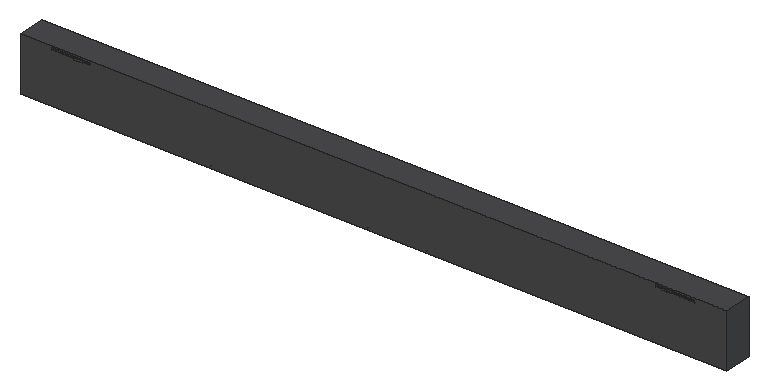
Revit family "DOT BLOCK CEILLING 946_DTSM40N9.1.15", category Luminarias, Revit 2019
Family settings
  Cota de conector redondo = Diámetro de uso
  Tipo de pieza = Normal
  Se basa en plano de trabajo = Sí
  Siempre vertical = Sí
  Corte con vacíos al cargar = No
  Origen de luz = Sí
  Compartido = No
  Punto de cálculo de habitación = No
Parameters (values of type "DOT BLOCK CEILLING 946_DTSM40N9.1.15")
  Ángulo de inclinación = 60.00°
  Zone [instance] = ""
  Watt per fixture = 40
  Wattage = 40 W
  built-in parameter 1150107 = 4000 (stored number, unit not read)
  built-in parameter 1150110 = 1 (stored number, unit not read)
  built-in parameter 1150109 = 1 (stored number, unit not read)
  built-in parameter 1150112 = 1 (stored number, unit not read)
  built-in parameter 1150113 = 1 (stored number, unit not read)
  built-in parameter 1114218 = 1 (stored number, unit not read)
  Keynote = ""
  built-in parameter 1150137 = (empty or 0)
  built-in parameter 1150132 = (empty or 0)
  Modelo = "DTSM40N9.1.15"
  Lámpara = "3030SMD PHILIPS"
  built-in parameter 1150105 = 261.01 (stored number, unit not read)
  built-in parameter 1150102 = (empty or 0)
  built-in parameter 1150106 = 2.6101 (stored number, unit not read)
  Lumens = 3280 lm
  Color Filter = 16777215
  built-in parameter 1114217 = 1 (stored number, unit not read)
  built-in parameter 1150139 = (empty or 0)
  Fabricante = "BRILLANT"
  Default Elevation = 1219.2 mm
  built-in parameter 1150104 = 7.618 (stored number, unit not read)
  Descripción = "LUMINARIA DOWNLIGHT EN FORMATO RECTANGULAR PARA SOBREPONER DIRECTO EN TECHO, CUERPO DE ALUMINIO ACABADO EN COLOR NEGRO, IP 20, PESO 1.98Kg, TIPO DE LED 3030SMD PHILIPS CON 40W TOTAL, 3200 LUMENES, 82LM/W, IRC 90, TEMPERATURA EN BLANCO FRIO 4000K, 50 MIL HORAS DE VIDA PROMEDIO, APERTURA DE 15 GRADOS POR PROYECTO, ALIMENTADO A 90-240V"
  built-in parameter 1150115 = 1 (stored number, unit not read)
  built-in parameter 1150114 = 1 (stored number, unit not read)
  Comentarios de vataje = "90-240V"
  built-in parameter 1150138 = (empty or 0)
  built-in parameter 1150134 = 12
  Circuit [instance] = ""
  Dimming Lamp Color Temperature Shift = (empty or 0)
  Archivo de red fotométrica = "L964A-40W-840-B-15_IESNA95.IES"
  built-in parameter 1150133 = 10 (stored number, unit not read)
Reference planes
  plane 1 "Centro (Frontal/Posterior)": y = 0
  plane 2: z = 0
  plane 3 "Centro (Izquierda/Derecha)": x = 0
Forms (mm)
  Extrusion 1, solid, material "Default Form", not visible
    sketch origin (0, 0, 0) x (1, 0, 0) y (0, 0, 1)
      loop
        line (-473, 0) -> (-473, -72) -> (473, -72) -> (473, 0) -> (-473, 0)
    from -18.326 to 18.326
  Blend 2, void, not visible
    base sketch origin (-293.63, 0, 0) x (1, 0, 0) y (0, 1, 0)
      loop
        line (-162, 16.149) -> (-162, -16.149) -> (-144.14, -16.149) -> (-144.14, 16.149) -> (-162, 16.149)
    top sketch origin (-293.63, 0, 0) x (1, 0, 0) y (0, 1, 0)
      loop
        line (-160, 12.149) -> (-160, -12.149) -> (-146.14, -12.149) -> (-146.14, 12.149) -> (-160, 12.149)
    from -72 to -61.591
  Blend 3, void, not visible
    base sketch origin (-267.33, 0, 0) x (1, 0, 0) y (0, 1, 0)
      loop
        line (-162, 16.149) -> (-162, -16.149) -> (-144.14, -16.149) -> (-144.14, 16.149) -> (-162, 16.149)
    top sketch origin (-267.33, 0, 0) x (1, 0, 0) y (0, 1, 0)
      loop
        line (-160, 12.149) -> (-160, -12.149) -> (-146.14, -12.149) -> (-146.14, 12.149) -> (-160, 12.149)
    from -72 to -61.591
  Blend 4, void, not visible
    base sketch origin (-241.03, 0, 0) x (1, 0, 0) y (0, 1, 0)
      loop
        line (-162, 16.149) -> (-162, -16.149) -> (-144.14, -16.149) -> (-144.14, 16.149) -> (-162, 16.149)
    top sketch origin (-241.03, 0, 0) x (1, 0, 0) y (0, 1, 0)
      loop
        line (-160, 12.149) -> (-160, -12.149) -> (-146.14, -12.149) -> (-146.14, 12.149) -> (-160, 12.149)
    from -72 to -61.591
  Blend 5, void, not visible
    base sketch origin (-214.73, 0, 0) x (1, 0, 0) y (0, 1, 0)
      loop
        line (-162, 16.149) -> (-162, -16.149) -> (-144.14, -16.149) -> (-144.14, 16.149) -> (-162, 16.149)
    top sketch origin (-214.73, 0, 0) x (1, 0, 0) y (0, 1, 0)
      loop
        line (-160, 12.149) -> (-160, -12.149) -> (-146.14, -12.149) -> (-146.14, 12.149) -> (-160, 12.149)
    from -72 to -61.591
  Blend 6, void, not visible
    base sketch origin (-188.43, 0, 0) x (1, 0, 0) y (0, 1, 0)
      loop
        line (-162, 16.149) -> (-162, -16.149) -> (-144.14, -16.149) -> (-144.14, 16.149) -> (-162, 16.149)
    top sketch origin (-188.43, 0, 0) x (1, 0, 0) y (0, 1, 0)
      loop
        line (-160, 12.149) -> (-160, -12.149) -> (-146.14, -12.149) -> (-146.14, 12.149) -> (-160, 12.149)
    from -72 to -61.591
  Blend 7, void, not visible
    base sketch origin (-162.13, 0, 0) x (1, 0, 0) y (0, 1, 0)
      loop
        line (-162, 16.149) -> (-162, -16.149) -> (-144.14, -16.149) -> (-144.14, 16.149) -> (-162, 16.149)
    top sketch origin (-162.13, 0, 0) x (1, 0, 0) y (0, 1, 0)
      loop
        line (-160, 12.149) -> (-160, -12.149) -> (-146.14, -12.149) -> (-146.14, 12.149) -> (-160, 12.149)
    from -72 to -61.591
  Blend 8, void, not visible
    base sketch origin (-135.83, 0, 0) x (1, 0, 0) y (0, 1, 0)
      loop
        line (-162, 16.149) -> (-162, -16.149) -> (-144.14, -16.149) -> (-144.14, 16.149) -> (-162, 16.149)
    top sketch origin (-135.83, 0, 0) x (1, 0, 0) y (0, 1, 0)
      loop
        line (-160, 12.149) -> (-160, -12.149) -> (-146.14, -12.149) -> (-146.14, 12.149) -> (-160, 12.149)
    from -72 to -61.591
  Blend 9, void, not visible
    base sketch origin (-109.53, 0, 0) x (1, 0, 0) y (0, 1, 0)
      loop
        line (-162, 16.149) -> (-162, -16.149) -> (-144.14, -16.149) -> (-144.14, 16.149) -> (-162, 16.149)
    top sketch origin (-109.53, 0, 0) x (1, 0, 0) y (0, 1, 0)
      loop
        line (-160, 12.149) -> (-160, -12.149) -> (-146.14, -12.149) -> (-146.14, 12.149) -> (-160, 12.149)
    from -72 to -61.591
  Blend 10, void, not visible
    base sketch origin (-83.23, 0, 0) x (1, 0, 0) y (0, 1, 0)
      loop
        line (-162, 16.149) -> (-162, -16.149) -> (-144.14, -16.149) -> (-144.14, 16.149) -> (-162, 16.149)
    top sketch origin (-83.23, 0, 0) x (1, 0, 0) y (0, 1, 0)
      loop
        line (-160, 12.149) -> (-160, -12.149) -> (-146.14, -12.149) -> (-146.14, 12.149) -> (-160, 12.149)
    from -72 to -61.591
  Blend 11, void, not visible
    base sketch origin (-56.93, 0, 0) x (1, 0, 0) y (0, 1, 0)
      loop
        line (-162, 16.149) -> (-162, -16.149) -> (-144.14, -16.149) -> (-144.14, 16.149) -> (-162, 16.149)
    top sketch origin (-56.93, 0, 0) x (1, 0, 0) y (0, 1, 0)
      loop
        line (-160, 12.149) -> (-160, -12.149) -> (-146.14, -12.149) -> (-146.14, 12.149) -> (-160, 12.149)
    from -72 to -61.591
  Blend 12, void, not visible
    base sketch origin (-30.63, 0, 0) x (1, 0, 0) y (0, 1, 0)
      loop
        line (-162, 16.149) -> (-162, -16.149) -> (-144.14, -16.149) -> (-144.14, 16.149) -> (-162, 16.149)
    top sketch origin (-30.63, 0, 0) x (1, 0, 0) y (0, 1, 0)
      loop
        line (-160, 12.149) -> (-160, -12.149) -> (-146.14, -12.149) -> (-146.14, 12.149) -> (-160, 12.149)
    from -72 to -61.591
  Blend 13, void, not visible
    base sketch origin (-4.33, 0, 0) x (1, 0, 0) y (0, 1, 0)
      loop
        line (-162, 16.149) -> (-162, -16.149) -> (-144.14, -16.149) -> (-144.14, 16.149) -> (-162, 16.149)
    top sketch origin (-4.33, 0, 0) x (1, 0, 0) y (0, 1, 0)
      loop
        line (-160, 12.149) -> (-160, -12.149) -> (-146.14, -12.149) -> (-146.14, 12.149) -> (-160, 12.149)
    from -72 to -61.591
  Blend 14, void, not visible
    base sketch origin (21.97, 0, 0) x (1, 0, 0) y (0, 1, 0)
      loop
        line (-162, 16.149) -> (-162, -16.149) -> (-144.14, -16.149) -> (-144.14, 16.149) -> (-162, 16.149)
    top sketch origin (21.97, 0, 0) x (1, 0, 0) y (0, 1, 0)
      loop
        line (-160, 12.149) -> (-160, -12.149) -> (-146.14, -12.149) -> (-146.14, 12.149) -> (-160, 12.149)
    from -72 to -61.591
  Blend 15, void, not visible
    base sketch origin (48.27, 0, 0) x (1, 0, 0) y (0, 1, 0)
      loop
        line (-162, 16.149) -> (-162, -16.149) -> (-144.14, -16.149) -> (-144.14, 16.149) -> (-162, 16.149)
    top sketch origin (48.27, 0, 0) x (1, 0, 0) y (0, 1, 0)
      loop
        line (-160, 12.149) -> (-160, -12.149) -> (-146.14, -12.149) -> (-146.14, 12.149) -> (-160, 12.149)
    from -72 to -61.591
  Blend 16, void, not visible
    base sketch origin (74.57, 0, 0) x (1, 0, 0) y (0, 1, 0)
      loop
        line (-162, 16.149) -> (-162, -16.149) -> (-144.14, -16.149) -> (-144.14, 16.149) -> (-162, 16.149)
    top sketch origin (74.57, 0, 0) x (1, 0, 0) y (0, 1, 0)
      loop
        line (-160, 12.149) -> (-160, -12.149) -> (-146.14, -12.149) -> (-146.14, 12.149) -> (-160, 12.149)
    from -72 to -61.591
  Blend 17, void, not visible
    base sketch origin (100.87, 0, 0) x (1, 0, 0) y (0, 1, 0)
      loop
        line (-162, 16.149) -> (-162, -16.149) -> (-144.14, -16.149) -> (-144.14, 16.149) -> (-162, 16.149)
    top sketch origin (100.87, 0, 0) x (1, 0, 0) y (0, 1, 0)
      loop
        line (-160, 12.149) -> (-160, -12.149) -> (-146.14, -12.149) -> (-146.14, 12.149) -> (-160, 12.149)
    from -72 to -61.591
  Blend 18, void, not visible
    base sketch origin (127.17, 0, 0) x (1, 0, 0) y (0, 1, 0)
      loop
        line (-162, 16.149) -> (-162, -16.149) -> (-144.14, -16.149) -> (-144.14, 16.149) -> (-162, 16.149)
    top sketch origin (127.17, 0, 0) x (1, 0, 0) y (0, 1, 0)
      loop
        line (-160, 12.149) -> (-160, -12.149) -> (-146.14, -12.149) -> (-146.14, 12.149) -> (-160, 12.149)
    from -72 to -61.591
  Blend 19, void, not visible
    base sketch origin (153.47, 0, 0) x (1, 0, 0) y (0, 1, 0)
      loop
        line (-162, 16.149) -> (-162, -16.149) -> (-144.14, -16.149) -> (-144.14, 16.149) -> (-162, 16.149)
    top sketch origin (153.47, 0, 0) x (1, 0, 0) y (0, 1, 0)
      loop
        line (-160, 12.149) -> (-160, -12.149) -> (-146.14, -12.149) -> (-146.14, 12.149) -> (-160, 12.149)
    from -72 to -61.591
  Blend 20, void, not visible
    base sketch origin (179.77, 0, 0) x (1, 0, 0) y (0, 1, 0)
      loop
        line (-162, 16.149) -> (-162, -16.149) -> (-144.14, -16.149) -> (-144.14, 16.149) -> (-162, 16.149)
    top sketch origin (179.77, 0, 0) x (1, 0, 0) y (0, 1, 0)
      loop
        line (-160, 12.149) -> (-160, -12.149) -> (-146.14, -12.149) -> (-146.14, 12.149) -> (-160, 12.149)
    from -72 to -61.591
  Blend 21, void, not visible
    base sketch origin (206.07, 0, 0) x (1, 0, 0) y (0, 1, 0)
      loop
        line (-162, 16.149) -> (-162, -16.149) -> (-144.14, -16.149) -> (-144.14, 16.149) -> (-162, 16.149)
    top sketch origin (206.07, 0, 0) x (1, 0, 0) y (0, 1, 0)
      loop
        line (-160, 12.149) -> (-160, -12.149) -> (-146.14, -12.149) -> (-146.14, 12.149) -> (-160, 12.149)
    from -72 to -61.591
  Blend 22, void, not visible
    base sketch origin (232.37, 0, 0) x (1, 0, 0) y (0, 1, 0)
      loop
        line (-162, 16.149) -> (-162, -16.149) -> (-144.14, -16.149) -> (-144.14, 16.149) -> (-162, 16.149)
    top sketch origin (232.37, 0, 0) x (1, 0, 0) y (0, 1, 0)
      loop
        line (-160, 12.149) -> (-160, -12.149) -> (-146.14, -12.149) -> (-146.14, 12.149) -> (-160, 12.149)
    from -72 to -61.591
  Blend 23, void, not visible
    base sketch origin (258.67, 0, 0) x (1, 0, 0) y (0, 1, 0)
      loop
        line (-162, 16.149) -> (-162, -16.149) -> (-144.14, -16.149) -> (-144.14, 16.149) -> (-162, 16.149)
    top sketch origin (258.67, 0, 0) x (1, 0, 0) y (0, 1, 0)
      loop
        line (-160, 12.149) -> (-160, -12.149) -> (-146.14, -12.149) -> (-146.14, 12.149) -> (-160, 12.149)
    from -72 to -61.591
  Blend 24, void, not visible
    base sketch origin (284.97, 0, 0) x (1, 0, 0) y (0, 1, 0)
      loop
        line (-162, 16.149) -> (-162, -16.149) -> (-144.14, -16.149) -> (-144.14, 16.149) -> (-162, 16.149)
    top sketch origin (284.97, 0, 0) x (1, 0, 0) y (0, 1, 0)
      loop
        line (-160, 12.149) -> (-160, -12.149) -> (-146.14, -12.149) -> (-146.14, 12.149) -> (-160, 12.149)
    from -72 to -61.591
  Blend 25, void, not visible
    base sketch origin (311.27, 0, 0) x (1, 0, 0) y (0, 1, 0)
      loop
        line (-162, 16.149) -> (-162, -16.149) -> (-144.14, -16.149) -> (-144.14, 16.149) -> (-162, 16.149)
    top sketch origin (311.27, 0, 0) x (1, 0, 0) y (0, 1, 0)
      loop
        line (-160, 12.149) -> (-160, -12.149) -> (-146.14, -12.149) -> (-146.14, 12.149) -> (-160, 12.149)
    from -72 to -61.591
  Blend 26, void, not visible
    base sketch origin (337.57, 0, 0) x (1, 0, 0) y (0, 1, 0)
      loop
        line (-162, 16.149) -> (-162, -16.149) -> (-144.14, -16.149) -> (-144.14, 16.149) -> (-162, 16.149)
    top sketch origin (337.57, 0, 0) x (1, 0, 0) y (0, 1, 0)
      loop
        line (-160, 12.149) -> (-160, -12.149) -> (-146.14, -12.149) -> (-146.14, 12.149) -> (-160, 12.149)
    from -72 to -61.591
  Blend 27, void, not visible
    base sketch origin (363.87, 0, 0) x (1, 0, 0) y (0, 1, 0)
      loop
        line (-162, 16.149) -> (-162, -16.149) -> (-144.14, -16.149) -> (-144.14, 16.149) -> (-162, 16.149)
    top sketch origin (363.87, 0, 0) x (1, 0, 0) y (0, 1, 0)
      loop
        line (-160, 12.149) -> (-160, -12.149) -> (-146.14, -12.149) -> (-146.14, 12.149) -> (-160, 12.149)
    from -72 to -61.591
  Blend 28, void, not visible
    base sketch origin (390.17, 0, 0) x (1, 0, 0) y (0, 1, 0)
      loop
        line (-162, 16.149) -> (-162, -16.149) -> (-144.14, -16.149) -> (-144.14, 16.149) -> (-162, 16.149)
    top sketch origin (390.17, 0, 0) x (1, 0, 0) y (0, 1, 0)
      loop
        line (-160, 12.149) -> (-160, -12.149) -> (-146.14, -12.149) -> (-146.14, 12.149) -> (-160, 12.149)
    from -72 to -61.591
  Blend 29, void, not visible
    base sketch origin (416.47, 0, 0) x (1, 0, 0) y (0, 1, 0)
      loop
        line (-162, 16.149) -> (-162, -16.149) -> (-144.14, -16.149) -> (-144.14, 16.149) -> (-162, 16.149)
    top sketch origin (416.47, 0, 0) x (1, 0, 0) y (0, 1, 0)
      loop
        line (-160, 12.149) -> (-160, -12.149) -> (-146.14, -12.149) -> (-146.14, 12.149) -> (-160, 12.149)
    from -72 to -61.591
  Blend 30, void, not visible
    base sketch origin (442.77, 0, 0) x (1, 0, 0) y (0, 1, 0)
      loop
        line (-162, 16.149) -> (-162, -16.149) -> (-144.14, -16.149) -> (-144.14, 16.149) -> (-162, 16.149)
    top sketch origin (442.77, 0, 0) x (1, 0, 0) y (0, 1, 0)
      loop
        line (-160, 12.149) -> (-160, -12.149) -> (-146.14, -12.149) -> (-146.14, 12.149) -> (-160, 12.149)
    from -72 to -61.591
  Blend 31, void, not visible
    base sketch origin (469.07, 0, 0) x (1, 0, 0) y (0, 1, 0)
      loop
        line (-162, 16.149) -> (-162, -16.149) -> (-144.14, -16.149) -> (-144.14, 16.149) -> (-162, 16.149)
    top sketch origin (469.07, 0, 0) x (1, 0, 0) y (0, 1, 0)
      loop
        line (-160, 12.149) -> (-160, -12.149) -> (-146.14, -12.149) -> (-146.14, 12.149) -> (-160, 12.149)
    from -72 to -61.591
  Blend 32, void, not visible
    base sketch origin (495.37, 0, 0) x (1, 0, 0) y (0, 1, 0)
      loop
        line (-162, 16.149) -> (-162, -16.149) -> (-144.14, -16.149) -> (-144.14, 16.149) -> (-162, 16.149)
    top sketch origin (495.37, 0, 0) x (1, 0, 0) y (0, 1, 0)
      loop
        line (-160, 12.149) -> (-160, -12.149) -> (-146.14, -12.149) -> (-146.14, 12.149) -> (-160, 12.149)
    from -72 to -61.591
  Blend 33, void, not visible
    base sketch origin (521.67, 0, 0) x (1, 0, 0) y (0, 1, 0)
      loop
        line (-162, 16.149) -> (-162, -16.149) -> (-144.14, -16.149) -> (-144.14, 16.149) -> (-162, 16.149)
    top sketch origin (521.67, 0, 0) x (1, 0, 0) y (0, 1, 0)
      loop
        line (-160, 12.149) -> (-160, -12.149) -> (-146.14, -12.149) -> (-146.14, 12.149) -> (-160, 12.149)
    from -72 to -61.591
  Blend 34, void, not visible
    base sketch origin (547.97, 0, 0) x (1, 0, 0) y (0, 1, 0)
      loop
        line (-162, 16.149) -> (-162, -16.149) -> (-144.14, -16.149) -> (-144.14, 16.149) -> (-162, 16.149)
    top sketch origin (547.97, 0, 0) x (1, 0, 0) y (0, 1, 0)
      loop
        line (-160, 12.149) -> (-160, -12.149) -> (-146.14, -12.149) -> (-146.14, 12.149) -> (-160, 12.149)
    from -72 to -61.591
  Blend 35, void, not visible
    base sketch origin (574.27, 0, 0) x (1, 0, 0) y (0, 1, 0)
      loop
        line (-162, 16.149) -> (-162, -16.149) -> (-144.14, -16.149) -> (-144.14, 16.149) -> (-162, 16.149)
    top sketch origin (574.27, 0, 0) x (1, 0, 0) y (0, 1, 0)
      loop
        line (-160, 12.149) -> (-160, -12.149) -> (-146.14, -12.149) -> (-146.14, 12.149) -> (-160, 12.149)
    from -72 to -61.591
  Blend 36, void, not visible
    base sketch origin (600.57, 0, 0) x (1, 0, 0) y (0, 1, 0)
      loop
        line (-162, 16.149) -> (-162, -16.149) -> (-144.14, -16.149) -> (-144.14, 16.149) -> (-162, 16.149)
    top sketch origin (600.57, 0, 0) x (1, 0, 0) y (0, 1, 0)
      loop
        line (-160, 12.149) -> (-160, -12.149) -> (-146.14, -12.149) -> (-146.14, 12.149) -> (-160, 12.149)
    from -72 to -61.591
  Extrusion 37, solid, not visible
    sketch origin (-463.861, 0, 3.217) x (0, -1, 0) y (0, 0, -1)
      loop
        line (18.326, 3.217) -> (-18.326, 3.217) -> (-18.326, 73.917) -> (-32.183, 73.917) -> (-32.183, 72.617) -> (-19.626, 72.617) -> (-19.626, 1.917) -> (19.626, 1.917) -> (19.626, 72.617) -> (32.183, 72.617) -> (32.183, 73.917) -> (18.326, 73.917) -> (18.326, 3.217)
    from 89.098 to 128.24
  Extrusion 38, solid, not visible
    sketch origin (-246.523, 0, 3.217) x (0, -1, 0) y (0, 0, 1)
      loop
        line (-19.626, -1.917) -> (19.626, -1.917) -> (19.626, -63.89) -> (20.426, -63.89) -> (20.426, -1.117) -> (-20.426, -1.117) -> (-20.426, -63.89) -> (-19.626, -63.89) -> (-19.626, -1.917)
    from 122.954 to 124.098
  Extrusion 39, solid, not visible
    sketch origin (-463.861, 0, 3.217) x (0, -1, 0) y (0, 0, -1)
      loop
        line (-19.626, 1.917) -> (-19.626, 63.89) -> (-20.426, 63.89) -> (-20.426, 1.117) -> (20.426, 1.117) -> (20.426, 63.89) -> (19.626, 63.89) -> (19.626, 1.917) -> (-19.626, 1.917)
    from 122.954 to 124.098
  Extrusion 40, void, not visible
    sketch origin (0, 0, 0) x (1, 0, 0) y (0, 1, 0)
      loop
        circle (-363.799, -25.904) r 2.055
      loop
        circle (-346.585, -25.904) r 2.055
      loop
        circle (-363.799, 25.904) r 2.055
      loop
        circle (-346.585, 25.904) r 2.055
    from -70.7 to -69.4
  Blend 41, void
    base sketch origin (74.57, 130.851, 72) x (1, 0, 0) y (0, 1, 0)
      loop
        line (-162, -147) -> (-144.14, -147) -> (-144.14, -114.702) -> (-162, -114.702) -> (-162, -147)
    top sketch origin (74.57, 130.851, 72) x (1, 0, 0) y (0, 1, 0)
      loop
        line (-160, -143) -> (-146.14, -143) -> (-146.14, -118.702) -> (-160, -118.702) -> (-160, -143)
    from -72 to -61.591
  Blend 42, void
    base sketch origin (100.87, 130.851, 72) x (1, 0, 0) y (0, 1, 0)
      loop
        line (-162, -147) -> (-144.14, -147) -> (-144.14, -114.702) -> (-162, -114.702) -> (-162, -147)
    top sketch origin (100.87, 130.851, 72) x (1, 0, 0) y (0, 1, 0)
      loop
        line (-160, -143) -> (-146.14, -143) -> (-146.14, -118.702) -> (-160, -118.702) -> (-160, -143)
    from -72 to -61.591
  Blend 43, void
    base sketch origin (127.17, 130.851, 72) x (1, 0, 0) y (0, 1, 0)
      loop
        line (-162, -147) -> (-144.14, -147) -> (-144.14, -114.702) -> (-162, -114.702) -> (-162, -147)
    top sketch origin (127.17, 130.851, 72) x (1, 0, 0) y (0, 1, 0)
      loop
        line (-160, -143) -> (-146.14, -143) -> (-146.14, -118.702) -> (-160, -118.702) -> (-160, -143)
    from -72 to -61.591
  Blend 44, void
    base sketch origin (153.47, 130.851, 72) x (1, 0, 0) y (0, 1, 0)
      loop
        line (-162, -147) -> (-144.14, -147) -> (-144.14, -114.702) -> (-162, -114.702) -> (-162, -147)
    top sketch origin (153.47, 130.851, 72) x (1, 0, 0) y (0, 1, 0)
      loop
        line (-160, -143) -> (-146.14, -143) -> (-146.14, -118.702) -> (-160, -118.702) -> (-160, -143)
    from -72 to -61.591
  Blend 45, void
    base sketch origin (179.77, 130.851, 72) x (1, 0, 0) y (0, 1, 0)
      loop
        line (-162, -147) -> (-144.14, -147) -> (-144.14, -114.702) -> (-162, -114.702) -> (-162, -147)
    top sketch origin (179.77, 130.851, 72) x (1, 0, 0) y (0, 1, 0)
      loop
        line (-160, -143) -> (-146.14, -143) -> (-146.14, -118.702) -> (-160, -118.702) -> (-160, -143)
    from -72 to -61.591
  Blend 46, void
    base sketch origin (206.07, 130.851, 72) x (1, 0, 0) y (0, 1, 0)
      loop
        line (-162, -147) -> (-144.14, -147) -> (-144.14, -114.702) -> (-162, -114.702) -> (-162, -147)
    top sketch origin (206.07, 130.851, 72) x (1, 0, 0) y (0, 1, 0)
      loop
        line (-160, -143) -> (-146.14, -143) -> (-146.14, -118.702) -> (-160, -118.702) -> (-160, -143)
    from -72 to -61.591
  Blend 47, void
    base sketch origin (232.37, 130.851, 72) x (1, 0, 0) y (0, 1, 0)
      loop
        line (-162, -147) -> (-144.14, -147) -> (-144.14, -114.702) -> (-162, -114.702) -> (-162, -147)
    top sketch origin (232.37, 130.851, 72) x (1, 0, 0) y (0, 1, 0)
      loop
        line (-160, -143) -> (-146.14, -143) -> (-146.14, -118.702) -> (-160, -118.702) -> (-160, -143)
    from -72 to -61.591
  Extrusion 48, solid, material "Default Form"
    sketch origin (0, 0, 72) x (1, 0, 0) y (0, 0, -1)
      loop
        line (-473, 0) -> (473, 0) -> (473, 72) -> (-473, 72) -> (-473, 0)
    from -18.326 to 18.326
  Blend 49, void
    base sketch origin (258.67, 130.851, 72) x (1, 0, 0) y (0, 1, 0)
      loop
        line (-162, -147) -> (-144.14, -147) -> (-144.14, -114.702) -> (-162, -114.702) -> (-162, -147)
    top sketch origin (258.67, 130.851, 72) x (1, 0, 0) y (0, 1, 0)
      loop
        line (-160, -143) -> (-146.14, -143) -> (-146.14, -118.702) -> (-160, -118.702) -> (-160, -143)
    from -72 to -61.591
  Blend 50, void
    base sketch origin (284.97, 130.851, 72) x (1, 0, 0) y (0, 1, 0)
      loop
        line (-162, -147) -> (-144.14, -147) -> (-144.14, -114.702) -> (-162, -114.702) -> (-162, -147)
    top sketch origin (284.97, 130.851, 72) x (1, 0, 0) y (0, 1, 0)
      loop
        line (-160, -143) -> (-146.14, -143) -> (-146.14, -118.702) -> (-160, -118.702) -> (-160, -143)
    from -72 to -61.591
  Blend 51, void
    base sketch origin (21.97, 130.851, 72) x (1, 0, 0) y (0, 1, 0)
      loop
        line (-162, -147) -> (-144.14, -147) -> (-144.14, -114.702) -> (-162, -114.702) -> (-162, -147)
    top sketch origin (21.97, 130.851, 72) x (1, 0, 0) y (0, 1, 0)
      loop
        line (-160, -143) -> (-146.14, -143) -> (-146.14, -118.702) -> (-160, -118.702) -> (-160, -143)
    from -72 to -61.591
  Blend 52, void
    base sketch origin (48.27, 130.851, 72) x (1, 0, 0) y (0, 1, 0)
      loop
        line (-162, -147) -> (-144.14, -147) -> (-144.14, -114.702) -> (-162, -114.702) -> (-162, -147)
    top sketch origin (48.27, 130.851, 72) x (1, 0, 0) y (0, 1, 0)
      loop
        line (-160, -143) -> (-146.14, -143) -> (-146.14, -118.702) -> (-160, -118.702) -> (-160, -143)
    from -72 to -61.591
  Extrusion 53, void
    sketch origin (-308.75, 0, 0) x (1, 0, 0) y (0, 1, 0)
      loop
        line (-122.17, -18.326) -> (-69.57, -18.326) -> (-69.57, -16.149) -> (-122.17, -16.149) -> (-122.17, -18.326)
      loop
        line (-122.17, 18.326) -> (-122.17, 16.149) -> (-69.57, 16.149) -> (-69.57, 18.326) -> (-122.17, 18.326)
    from 66.852 to 70.535
  Extrusion 54, solid, material "Default Form"
    sketch origin (-25, 0, 0) x (1, 0, 0) y (0, 1, 0)
      loop
        line (-362.305, -16.149) -> (-363.639, -16.149) -> (-363.639, -18.326) -> (-374.139, -18.326) -> (-374.139, -20.238) -> (-362.305, -20.238) -> (-362.305, -16.149)
      loop
        line (-362.305, 16.149) -> (-362.305, 20.238) -> (-374.139, 20.238) -> (-374.139, 18.326) -> (-363.639, 18.326) -> (-363.639, 16.149) -> (-362.305, 16.149)
      loop
        line (412.305, -16.149) -> (412.305, -20.238) -> (424.139, -20.238) -> (424.139, -18.326) -> (413.639, -18.326) -> (413.639, -16.149) -> (412.305, -16.149)
      loop
        line (412.305, 16.149) -> (413.639, 16.149) -> (413.639, 18.326) -> (424.139, 18.326) -> (424.139, 20.238) -> (412.305, 20.238) -> (412.305, 16.149)
    from 67.466 to 69.773
  Extrusion 55, void
    sketch origin (308.75, 0, 0) x (-1, 0, 0) y (0, -1, 0)
      loop
        line (-122.17, 18.326) -> (-122.17, 16.149) -> (-69.57, 16.149) -> (-69.57, 18.326) -> (-122.17, 18.326)
      loop
        line (-122.17, -18.326) -> (-69.57, -18.326) -> (-69.57, -16.149) -> (-122.17, -16.149) -> (-122.17, -18.326)
    from 66.852 to 70.535
  Blend 56, void
    base sketch origin (-56.93, 130.851, 72) x (1, 0, 0) y (0, 1, 0)
      loop
        line (-162, -147) -> (-144.14, -147) -> (-144.14, -114.702) -> (-162, -114.702) -> (-162, -147)
    top sketch origin (-56.93, 130.851, 72) x (1, 0, 0) y (0, 1, 0)
      loop
        line (-160, -143) -> (-146.14, -143) -> (-146.14, -118.702) -> (-160, -118.702) -> (-160, -143)
    from -72 to -61.591
  Blend 57, void
    base sketch origin (-30.63, 130.851, 72) x (1, 0, 0) y (0, 1, 0)
      loop
        line (-162, -147) -> (-144.14, -147) -> (-144.14, -114.702) -> (-162, -114.702) -> (-162, -147)
    top sketch origin (-30.63, 130.851, 72) x (1, 0, 0) y (0, 1, 0)
      loop
        line (-160, -143) -> (-146.14, -143) -> (-146.14, -118.702) -> (-160, -118.702) -> (-160, -143)
    from -72 to -61.591
  Blend 58, void
    base sketch origin (-4.33, 130.851, 72) x (1, 0, 0) y (0, 1, 0)
      loop
        line (-162, -147) -> (-144.14, -147) -> (-144.14, -114.702) -> (-162, -114.702) -> (-162, -147)
    top sketch origin (-4.33, 130.851, 72) x (1, 0, 0) y (0, 1, 0)
      loop
        line (-160, -143) -> (-146.14, -143) -> (-146.14, -118.702) -> (-160, -118.702) -> (-160, -143)
    from -72 to -61.591
  Blend 59, void
    base sketch origin (-109.53, 130.851, 72) x (1, 0, 0) y (0, 1, 0)
      loop
        line (-162, -147) -> (-144.14, -147) -> (-144.14, -114.702) -> (-162, -114.702) -> (-162, -147)
    top sketch origin (-109.53, 130.851, 72) x (1, 0, 0) y (0, 1, 0)
      loop
        line (-160, -143) -> (-146.14, -143) -> (-146.14, -118.702) -> (-160, -118.702) -> (-160, -143)
    from -72 to -61.591
  Blend 60, void
    base sketch origin (-83.23, 130.851, 72) x (1, 0, 0) y (0, 1, 0)
      loop
        line (-162, -147) -> (-144.14, -147) -> (-144.14, -114.702) -> (-162, -114.702) -> (-162, -147)
    top sketch origin (-83.23, 130.851, 72) x (1, 0, 0) y (0, 1, 0)
      loop
        line (-160, -143) -> (-146.14, -143) -> (-146.14, -118.702) -> (-160, -118.702) -> (-160, -143)
    from -72 to -61.591
  Blend 61, void
    base sketch origin (-135.83, 130.851, 72) x (1, 0, 0) y (0, 1, 0)
      loop
        line (-162, -147) -> (-144.14, -147) -> (-144.14, -114.702) -> (-162, -114.702) -> (-162, -147)
    top sketch origin (-135.83, 130.851, 72) x (1, 0, 0) y (0, 1, 0)
      loop
        line (-160, -143) -> (-146.14, -143) -> (-146.14, -118.702) -> (-160, -118.702) -> (-160, -143)
    from -72 to -61.591
  Blend 62, void
    base sketch origin (-188.43, 130.851, 72) x (1, 0, 0) y (0, 1, 0)
      loop
        line (-162, -147) -> (-144.14, -147) -> (-144.14, -114.702) -> (-162, -114.702) -> (-162, -147)
    top sketch origin (-188.43, 130.851, 72) x (1, 0, 0) y (0, 1, 0)
      loop
        line (-160, -143) -> (-146.14, -143) -> (-146.14, -118.702) -> (-160, -118.702) -> (-160, -143)
    from -72 to -61.591
  Blend 63, void
    base sketch origin (-162.13, 130.851, 72) x (1, 0, 0) y (0, 1, 0)
      loop
        line (-162, -147) -> (-144.14, -147) -> (-144.14, -114.702) -> (-162, -114.702) -> (-162, -147)
    top sketch origin (-162.13, 130.851, 72) x (1, 0, 0) y (0, 1, 0)
      loop
        line (-160, -143) -> (-146.14, -143) -> (-146.14, -118.702) -> (-160, -118.702) -> (-160, -143)
    from -72 to -61.591
  Blend 64, void
    base sketch origin (311.27, 130.851, 72) x (1, 0, 0) y (0, 1, 0)
      loop
        line (-162, -147) -> (-144.14, -147) -> (-144.14, -114.702) -> (-162, -114.702) -> (-162, -147)
    top sketch origin (311.27, 130.851, 72) x (1, 0, 0) y (0, 1, 0)
      loop
        line (-160, -143) -> (-146.14, -143) -> (-146.14, -118.702) -> (-160, -118.702) -> (-160, -143)
    from -72 to -61.591
  Blend 65, void
    base sketch origin (337.57, 130.851, 72) x (1, 0, 0) y (0, 1, 0)
      loop
        line (-162, -147) -> (-144.14, -147) -> (-144.14, -114.702) -> (-162, -114.702) -> (-162, -147)
    top sketch origin (337.57, 130.851, 72) x (1, 0, 0) y (0, 1, 0)
      loop
        line (-160, -143) -> (-146.14, -143) -> (-146.14, -118.702) -> (-160, -118.702) -> (-160, -143)
    from -72 to -61.591
  Blend 66, void
    base sketch origin (363.87, 130.851, 72) x (1, 0, 0) y (0, 1, 0)
      loop
        line (-162, -147) -> (-144.14, -147) -> (-144.14, -114.702) -> (-162, -114.702) -> (-162, -147)
    top sketch origin (363.87, 130.851, 72) x (1, 0, 0) y (0, 1, 0)
      loop
        line (-160, -143) -> (-146.14, -143) -> (-146.14, -118.702) -> (-160, -118.702) -> (-160, -143)
    from -72 to -61.591
  Blend 67, void
    base sketch origin (390.17, 130.851, 72) x (1, 0, 0) y (0, 1, 0)
      loop
        line (-162, -147) -> (-144.14, -147) -> (-144.14, -114.702) -> (-162, -114.702) -> (-162, -147)
    top sketch origin (390.17, 130.851, 72) x (1, 0, 0) y (0, 1, 0)
      loop
        line (-160, -143) -> (-146.14, -143) -> (-146.14, -118.702) -> (-160, -118.702) -> (-160, -143)
    from -72 to -61.591
  Blend 68, void
    base sketch origin (416.47, 130.851, 72) x (1, 0, 0) y (0, 1, 0)
      loop
        line (-162, -147) -> (-144.14, -147) -> (-144.14, -114.702) -> (-162, -114.702) -> (-162, -147)
    top sketch origin (416.47, 130.851, 72) x (1, 0, 0) y (0, 1, 0)
      loop
        line (-160, -143) -> (-146.14, -143) -> (-146.14, -118.702) -> (-160, -118.702) -> (-160, -143)
    from -72 to -61.591
  Blend 69, void
    base sketch origin (442.77, 130.851, 72) x (1, 0, 0) y (0, 1, 0)
      loop
        line (-162, -147) -> (-144.14, -147) -> (-144.14, -114.702) -> (-162, -114.702) -> (-162, -147)
    top sketch origin (442.77, 130.851, 72) x (1, 0, 0) y (0, 1, 0)
      loop
        line (-160, -143) -> (-146.14, -143) -> (-146.14, -118.702) -> (-160, -118.702) -> (-160, -143)
    from -72 to -61.591
  Blend 70, void
    base sketch origin (469.07, 130.851, 72) x (1, 0, 0) y (0, 1, 0)
      loop
        line (-162, -147) -> (-144.14, -147) -> (-144.14, -114.702) -> (-162, -114.702) -> (-162, -147)
    top sketch origin (469.07, 130.851, 72) x (1, 0, 0) y (0, 1, 0)
      loop
        line (-160, -143) -> (-146.14, -143) -> (-146.14, -118.702) -> (-160, -118.702) -> (-160, -143)
    from -72 to -61.591
  Blend 71, void
    base sketch origin (495.37, 130.851, 72) x (1, 0, 0) y (0, 1, 0)
      loop
        line (-162, -147) -> (-144.14, -147) -> (-144.14, -114.702) -> (-162, -114.702) -> (-162, -147)
    top sketch origin (495.37, 130.851, 72) x (1, 0, 0) y (0, 1, 0)
      loop
        line (-160, -143) -> (-146.14, -143) -> (-146.14, -118.702) -> (-160, -118.702) -> (-160, -143)
    from -72 to -61.591
  Blend 72, void
    base sketch origin (-214.73, 130.851, 72) x (1, 0, 0) y (0, 1, 0)
      loop
        line (-162, -147) -> (-144.14, -147) -> (-144.14, -114.702) -> (-162, -114.702) -> (-162, -147)
    top sketch origin (-214.73, 130.851, 72) x (1, 0, 0) y (0, 1, 0)
      loop
        line (-160, -143) -> (-146.14, -143) -> (-146.14, -118.702) -> (-160, -118.702) -> (-160, -143)
    from -72 to -61.591
  Blend 73, void
    base sketch origin (-267.33, 130.851, 72) x (1, 0, 0) y (0, 1, 0)
      loop
        line (-162, -147) -> (-144.14, -147) -> (-144.14, -114.702) -> (-162, -114.702) -> (-162, -147)
    top sketch origin (-267.33, 130.851, 72) x (1, 0, 0) y (0, 1, 0)
      loop
        line (-160, -143) -> (-146.14, -143) -> (-146.14, -118.702) -> (-160, -118.702) -> (-160, -143)
    from -72 to -61.591
  Blend 74, void
    base sketch origin (-241.03, 130.851, 72) x (1, 0, 0) y (0, 1, 0)
      loop
        line (-162, -147) -> (-144.14, -147) -> (-144.14, -114.702) -> (-162, -114.702) -> (-162, -147)
    top sketch origin (-241.03, 130.851, 72) x (1, 0, 0) y (0, 1, 0)
      loop
        line (-160, -143) -> (-146.14, -143) -> (-146.14, -118.702) -> (-160, -118.702) -> (-160, -143)
    from -72 to -61.591
  Blend 75, void
    base sketch origin (-293.63, 130.851, 72) x (1, 0, 0) y (0, 1, 0)
      loop
        line (-162, -147) -> (-144.14, -147) -> (-144.14, -114.702) -> (-162, -114.702) -> (-162, -147)
    top sketch origin (-293.63, 130.851, 72) x (1, 0, 0) y (0, 1, 0)
      loop
        line (-160, -143) -> (-146.14, -143) -> (-146.14, -118.702) -> (-160, -118.702) -> (-160, -143)
    from -72 to -61.591
  Blend 76, void
    base sketch origin (521.67, 130.851, 72) x (1, 0, 0) y (0, 1, 0)
      loop
        line (-162, -147) -> (-144.14, -147) -> (-144.14, -114.702) -> (-162, -114.702) -> (-162, -147)
    top sketch origin (521.67, 130.851, 72) x (1, 0, 0) y (0, 1, 0)
      loop
        line (-160, -143) -> (-146.14, -143) -> (-146.14, -118.702) -> (-160, -118.702) -> (-160, -143)
    from -72 to -61.591
  Blend 77, void
    base sketch origin (547.97, 130.851, 72) x (1, 0, 0) y (0, 1, 0)
      loop
        line (-162, -147) -> (-144.14, -147) -> (-144.14, -114.702) -> (-162, -114.702) -> (-162, -147)
    top sketch origin (547.97, 130.851, 72) x (1, 0, 0) y (0, 1, 0)
      loop
        line (-160, -143) -> (-146.14, -143) -> (-146.14, -118.702) -> (-160, -118.702) -> (-160, -143)
    from -72 to -61.591
  Blend 78, void
    base sketch origin (574.27, 130.851, 72) x (1, 0, 0) y (0, 1, 0)
      loop
        line (-162, -147) -> (-144.14, -147) -> (-144.14, -114.702) -> (-162, -114.702) -> (-162, -147)
    top sketch origin (574.27, 130.851, 72) x (1, 0, 0) y (0, 1, 0)
      loop
        line (-160, -143) -> (-146.14, -143) -> (-146.14, -118.702) -> (-160, -118.702) -> (-160, -143)
    from -72 to -61.591
  Blend 79, void
    base sketch origin (600.57, 130.851, 72) x (1, 0, 0) y (0, 1, 0)
      loop
        line (-162, -147) -> (-144.14, -147) -> (-144.14, -114.702) -> (-162, -114.702) -> (-162, -147)
    top sketch origin (600.57, 130.851, 72) x (1, 0, 0) y (0, 1, 0)
      loop
        line (-160, -143) -> (-146.14, -143) -> (-146.14, -118.702) -> (-160, -118.702) -> (-160, -143)
    from -72 to -61.591
Cuts and joins
  Blend 41, Blend 42, Blend 43, Blend 44, Blend 45, Blend 46, Blend 47, Blend 49, Blend 50, Blend 51, Blend 52, Extrusion 53, Extrusion 55, Blend 56, Blend 57, Blend 58, Blend 59, Blend 60, Blend 61, Blend 62, Blend 63, Blend 64, Blend 65, Blend 66, Blend 67, Blend 68, Blend 69, Blend 70, Blend 71, Blend 72, Blend 73, Blend 74, Blend 75, Blend 76, Blend 77, Blend 78, Blend 79 cuts Extrusion 48
  Extrusion 55 cuts Extrusion 54
Dimensions and locks
  cut or joined group 1 (Blend 41, Blend 42, Blend 43, Blend 44, Blend 45, Blend 46, Blend 47, Extrusion 48, Blend 49, Blend 50, Blend 51, Blend 52, Extrusion 53, Extrusion 55, Blend 56, Blend 57, Blend 58, Blend 59, Blend 60, Blend 61, Blend 62, Blend 63, Blend 64, Blend 65, Blend 66, Blend 67, Blend 68, Blend 69, Blend 70, Blend 71, Blend 72, Blend 73, Blend 74, Blend 75, Blend 76, Blend 77, Blend 78, Blend 79) to cut or joined group 1 = 72 mm  (x2)
  cut or joined group 1 to cut or joined group 1 = 36.651 mm
  cut or joined group 1 to cut or joined group 1 = 946 mm
  cut or joined group 1 to cut or joined group 1 = 42.08 mm  (x2)
  aligned and locked: level to plane 2
Connectors
  electrical at (0, 0, 72)
    settings: on cut or joined group 1, index 1, voltage 0 V, apparent load 0 VA, apparent load phase1 0 VA, apparent load phase2 0 VA, apparent load phase3 0 VA, power factor 1, load classification "Otro", number of poles 1, system type 31, power factor state 1, is connector primary yes, connector utility no, sub classification motor no, connector description ""
